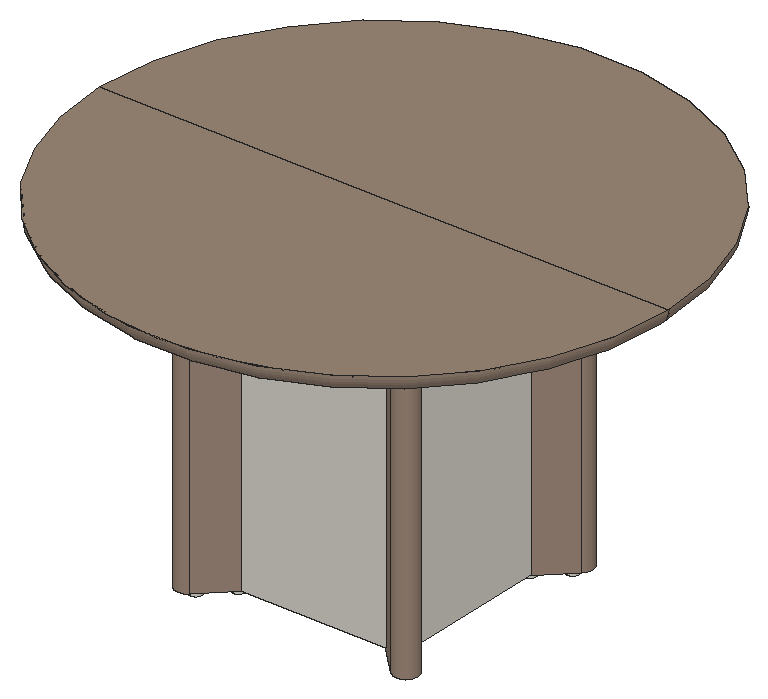
Revit family "Table-Teknion-CFRHBN_Figure_Table_Round_Gable_Enclosed_Base_Half_Bullnose_Edge-R2023", category Furniture, Revit 2023 (continued)
Definition of nested family "Round - Gable Enclosed Base"
  Forms (in)
    Sweep 1, solid, material <- "Base Finish"
      profile origin (0, 0, 13.62598) x (-1, 0, 0) y (0, -1, 0)
        loop
          line (-14.84924, -16.26346) -> (0, -1.41421) -> (14.84924, -16.26346)
    Sweep 2, void
      path origin (0, 0, 0) x (1, 0, 0) y (0, 0, 1)
        loop
          line (0, 8) -> (0, 0)
      profile origin (0, 0, 4) x (0, -1, 0) y (1, 0, 0)
        loop
          line (-11.41412, 0) -> (0, -11.41412) -> (11.41412, 0) -> (0, 11.41412) -> (-11.41412, 0)
    Sweep 3, void
      path origin (0, 0, 0) x (1, 0, 0) y (0, 0, 1)
        loop
          line (0, 20.75) -> (0, 26.75197)
      profile origin (0, 0, 23.75098) x (-1, 0, 0) y (0, -1, 0)
        loop
          line (-16.41478, 0) -> (0, -16.41478) -> (16.41478, 0) -> (0, 16.41478) -> (-16.41478, 0)
    Sweep 4, solid, material <- "Base Accent Finish"
      path origin (0, 0, 0) x (1, 0, 0) y (0, 0, 1)
        loop
          line (0, 25.75) -> (0, 0.5)
      profile origin (0, 0, 13.125) x (0, -1, 0) y (1, 0, 0)
        loop
          line (-12, 10.58579) -> (-12, -10.58579) -> (-11.25, -9.83579) -> (-11.25, 9.83579) -> (-12, 10.58579)
        loop
          line (9.83579, -11.25) -> (-9.83579, -11.25) -> (-10.58579, -12) -> (10.58579, -12) -> (9.83579, -11.25)
        loop
          line (11.25, 9.83579) -> (11.25, -9.83579) -> (12, -10.58579) -> (12, 10.58579) -> (11.25, 9.83579)
        loop
          line (-9.83579, 11.25) -> (9.83579, 11.25) -> (10.58579, 12) -> (-10.58579, 12) -> (-9.83579, 11.25)
    Sweep 5, solid, material <- "Glide Finish"
      path origin (0, 0, 0) x (1, 0, 0) y (0, 0, 1)
        loop
          line (0, 0.25) -> (0, 0.5)
      profile origin (0, 0, 0.375) x (-1, 0, 0) y (0, -1, 0)
        loop
          line (15.1094, -15.55134) -> (15.45795, -15.45795) -> (15.55134, -15.1094) -> (15.29619, -14.85425) -> (14.94764, -14.94764) -> (14.85425, -15.29619) -> (15.1094, -15.55134)
        loop
          line (-15.1094, -15.55134) -> (-14.85425, -15.29619) -> (-14.94764, -14.94764) -> (-15.29619, -14.85425) -> (-15.55134, -15.1094) -> (-15.45795, -15.45795) -> (-15.1094, -15.55134)
        loop
          line (15.1094, 15.55134) -> (14.85425, 15.29619) -> (14.94764, 14.94764) -> (15.29619, 14.85425) -> (15.55134, 15.1094) -> (15.45795, 15.45795) -> (15.1094, 15.55134)
        loop
          line (-15.1094, 15.55134) -> (-15.45795, 15.45795) -> (-15.55134, 15.1094) -> (-15.29619, 14.85425) -> (-14.94764, 14.94764) -> (-14.85425, 15.29619) -> (-15.1094, 15.55134)
    Sweep 6, solid, material <- "Glide Finish"
      path origin (0, 0, 0) x (1, 0, 0) y (0, 0, 1)
        loop
          line (0, 0.25) -> (0, 0)
      profile origin (0, 0, 0.125) x (0, -1, 0) y (1, 0, 0)
        loop
          circle (15.2028, -15.2028) r 0.5
        loop
          circle (15.2028, 15.2028) r 0.5
        loop
          circle (-15.2028, -15.2028) r 0.5
        loop
          circle (-15.2028, 15.2028) r 0.5
    Sweep 7, solid, material <- "Glide Finish"
      path origin (0, 0, 0) x (1, 0, 0) y (0, 0, 1)
        loop
          line (0, 0.25) -> (0, 0.5)
      profile origin (0, 0, 0.375) x (-1, 0, 0) y (0, -1, 0)
        loop
          line (7.73518, -8.17713) -> (8.08373, -8.08373) -> (8.17713, -7.73518) -> (7.92197, -7.48003) -> (7.57342, -7.57342) -> (7.48003, -7.92197) -> (7.73518, -8.17713)
        loop
          line (-7.73518, -8.17713) -> (-7.48003, -7.92197) -> (-7.57342, -7.57342) -> (-7.92197, -7.48003) -> (-8.17713, -7.73518) -> (-8.08373, -8.08373) -> (-7.73518, -8.17713)
        loop
          line (7.73518, 8.17713) -> (7.48003, 7.92197) -> (7.57342, 7.57342) -> (7.92197, 7.48003) -> (8.17713, 7.73518) -> (8.08373, 8.08373) -> (7.73518, 8.17713)
        loop
          line (-7.73518, 8.17713) -> (-8.08373, 8.08373) -> (-8.17713, 7.73518) -> (-7.92197, 7.48003) -> (-7.57342, 7.57342) -> (-7.48003, 7.92197) -> (-7.73518, 8.17713)
    Sweep 8, solid, material <- "Glide Finish"
      path origin (0, 0, 0) x (1, 0, 0) y (0, 0, 1)
        loop
          line (0, 0.25) -> (0, 0)
      profile origin (0, 0, 0.125) x (0, -1, 0) y (1, 0, 0)
        loop
          circle (7.82838, 7.82838) r 0.5
        loop
          circle (-7.82838, 7.82838) r 0.5
        loop
          circle (7.82838, -7.82838) r 0.5
        loop
          circle (-7.82838, -7.82838) r 0.5
  Cuts and joins
    Sweep 2, Sweep 3 cuts Sweep 1
    joined: Sweep 5, Sweep 6
    joined: Sweep 7, Sweep 8
  Lines and regions (in)
    symbolic lines
      curve 1: line (0, -118.46563, 26.75197) -> (0, -118.46563, 30.75197)
      curve 2: line (0, -126.46563, 29) -> (0, -126.46563, 31.25)
    reference lines
      curve 3: line (32.52691, 0, 0) -> (0, 32.52691, 0)
      curve 4: line (-32.52691, 0, 0) -> (0, 32.52691, 0)
      curve 5: line (0, -32.52691, 0) -> (-32.52691, 0, 0)
      curve 6: line (0, -32.52691, 0) -> (32.52691, 0, 0)
    symbolic lines, detail levels medium+fine
      curve 7: line (0, 1.41421, 0) -> (-14.84924, 16.26346, 0)
      curve 8: line (-16.26346, 14.84924, 0) -> (-1.41421, 0, 0)
      curve 9: arc (-16.26346, 14.84924, 0) -> (-16.26346, 16.26346, 0) -> (-14.84924, 16.26346, 0) r 1
      curve 10: line (14.84924, 16.26346, 0) -> (0, 1.41421, 0)
      curve 11: line (1.41421, 0, 0) -> (16.26346, 14.84924, 0)
      curve 12: arc (14.84924, 16.26346, 0) -> (16.26346, 16.26346, 0) -> (16.26346, 14.84924, 0) r 1
      curve 13: line (16.26346, -14.84924, 0) -> (1.41421, 0, 0)
      curve 14: line (0, -1.41421, 0) -> (14.84924, -16.26346, 0)
      curve 15: arc (16.26346, -14.84924, 0) -> (16.26346, -16.26346, 0) -> (14.84924, -16.26346, 0) r 1
      curve 16: line (-14.84924, -16.26346, 0) -> (0, -1.41421, 0)
      curve 17: line (-1.41421, 0, 0) -> (-16.26346, -14.84924, 0)
      curve 18: arc (-14.84924, -16.26346, 0) -> (-16.26346, -16.26346, 0) -> (-16.26346, -14.84924, 0) r 1
      curve 19: line (-10.58579, -12, 0) -> (10.58579, -12, 0)
      curve 20: line (9.83579, -11.25, 0) -> (-9.83579, -11.25, 0)
      curve 21: line (-12, 10.58579, 0) -> (-12, -10.58579, 0)
      curve 22: line (-11.25, -9.83579, 0) -> (-11.25, 9.83579, 0)
      curve 23: line (-9.83579, 11.25, 0) -> (9.83579, 11.25, 0)
      curve 24: line (10.58579, 12, 0) -> (-10.58579, 12, 0)
      curve 25: line (11.25, 9.83579, 0) -> (11.25, -9.83579, 0)
      curve 26: line (12, -10.58579, 0) -> (12, 10.58579, 0)
      curve 27: line (-8.9145, -7.50028, 0) -> (-7.50028, -8.9145, 0)
      curve 28: line (-6.41417, -4.99995, 0) -> (-4.99995, -6.41417, 0)
      curve 29: line (4.99995, -6.41417, 0) -> (6.41417, -4.99995, 0)
      curve 30: line (7.50028, -8.9145, 0) -> (8.9145, -7.50028, 0)
      curve 31: line (6.41417, 4.99995, 0) -> (4.99995, 6.41417, 0)
      curve 32: line (8.9145, 7.50028, 0) -> (7.50028, 8.9145, 0)
      curve 33: line (-4.99995, 6.41417, 0) -> (-6.41417, 4.99995, 0)
      curve 34: line (-7.50028, 8.9145, 0) -> (-8.9145, 7.50028, 0)
    symbolic lines, detail levels fine
      curve 35: arc (-15.2028, -14.7028, 0) -> (-15.7028, -15.2028, 0) -> (-15.2028, -15.7028, 0) r 0.5
      curve 36: arc (-15.2028, -15.7028, 0) -> (-14.7028, -15.2028, 0) -> (-15.2028, -14.7028, 0) r 0.5
      curve 37: arc (-7.82838, -7.32838, 0) -> (-8.32838, -7.82838, 0) -> (-7.82838, -8.32838, 0) r 0.5
      curve 38: arc (-7.82838, -8.32838, 0) -> (-7.32838, -7.82838, 0) -> (-7.82838, -7.32838, 0) r 0.5
      curve 39: arc (15.2028, -15.7028, 0) -> (15.7028, -15.2028, 0) -> (15.2028, -14.7028, 0) r 0.5
      curve 40: arc (15.2028, -14.7028, 0) -> (14.7028, -15.2028, 0) -> (15.2028, -15.7028, 0) r 0.5
      curve 41: arc (7.82838, -7.32838, 0) -> (7.32838, -7.82838, 0) -> (7.82838, -8.32838, 0) r 0.5
      curve 42: arc (7.82838, -8.32838, 0) -> (8.32838, -7.82838, 0) -> (7.82838, -7.32838, 0) r 0.5
      curve 43: arc (15.2028, 15.7028, 0) -> (14.7028, 15.2028, 0) -> (15.2028, 14.7028, 0) r 0.5
      curve 44: arc (15.2028, 14.7028, 0) -> (15.7028, 15.2028, 0) -> (15.2028, 15.7028, 0) r 0.5
      curve 45: arc (7.82838, 7.32838, 0) -> (8.32838, 7.82838, 0) -> (7.82838, 8.32838, 0) r 0.5
      curve 46: arc (7.82838, 8.32838, 0) -> (7.32838, 7.82838, 0) -> (7.82838, 7.32838, 0) r 0.5
      curve 47: arc (-15.2028, 14.7028, 0) -> (-14.7028, 15.2028, 0) -> (-15.2028, 15.7028, 0) r 0.5
      curve 48: arc (-15.2028, 15.7028, 0) -> (-15.7028, 15.2028, 0) -> (-15.2028, 14.7028, 0) r 0.5
      curve 49: arc (-7.82838, 7.32838, 0) -> (-7.32838, 7.82838, 0) -> (-7.82838, 8.32838, 0) r 0.5
      curve 50: arc (-7.82838, 8.32838, 0) -> (-8.32838, 7.82838, 0) -> (-7.82838, 7.32838, 0) r 0.5
  Dimensions and locks (in)
    "Width": plane 4 "Left" to plane 5 "Right"
    "Width": plane 6 "Back" to plane 7 "Front"
    locked: plane 8 "Top" to level at 29
    equal spacing: plane 6 "Back", plane 1 "Center Front/Back", plane 7 "Front"
    equal spacing: plane 4 "Left", plane 3 "Center Left/Right", plane 5 "Right"
    plane 8 "Top" to plane 11 to plane 12 = 1.500" locked, 0.74803" locked
    curve 2 to curve 1 = 8.000"
    "Dim 1": plane 13 to plane 1 "Center Front/Back"
    "Dim 1": plane 1 "Center Front/Back" to plane 14
    "Dim 1": plane 18 to plane 3 "Center Left/Right"
    "Dim 1": plane 3 "Center Left/Right" to plane 17
    "Dim 2": plane 19 to plane 16
    "Dim 2": plane 16 to plane 20
    "Dim 2": plane 21 to plane 15
    "Dim 2": plane 15 to plane 22
    locked: Sweep 1 sketch curve to plane 2 at 0.5
    locked: plane 19 to Sweep 1 sketch curve at 1
    locked: plane 21 to Sweep 1 sketch curve at 1
    locked: Sweep 1 sketch curve to plane 22 at 1
    locked: Sweep 1 sketch curve to plane 20 at 1
    Sweep 1 sketch curve to plane 15 to Sweep 1 sketch curve = 1.000" locked, 1.000" locked
    Sweep 1 sketch curve to plane 16 to Sweep 1 sketch curve = 1.000" locked, 1.000" locked
    locked: Sweep 2 sketch curve to plane 2 at 8
    "Dim 3": Sweep 2 sketch curve to plane 15
    "Dim 3": plane 15 to Sweep 2 sketch curve
    "Dim 3": Sweep 2 sketch curve to plane 16
    "Dim 3": plane 16 to Sweep 2 sketch curve
    locked: plane 12 to Sweep 3 sketch curve at 6.00197
    "Dim 4": Sweep 3 sketch curve to plane 15
    "Dim 4": plane 15 to Sweep 3 sketch curve
    "Dim 4": Sweep 3 sketch curve to plane 16  (x2)
    locked: plane 12 to Sweep 4 sketch curve at 1.00197
    locked: Sweep 4 sketch curve to plane 2 at 0.5
    locked: plane 13 to Sweep 4 sketch curve at 0.75
    locked: plane 18 to Sweep 4 sketch curve at 0.75
    locked: Sweep 4 sketch curve to plane 17 at 0.75
    locked: Sweep 4 sketch curve to plane 14 at 0.75
    Sweep 4 sketch curve to plane 16 to Sweep 4 sketch curve = 1.000" locked, 1.000" locked
    Sweep 4 sketch curve to plane 15 to Sweep 4 sketch curve = 1.000" locked, 1.000" locked
    Sweep 5 sketch curve to Sweep 5 sketch curve to plane 2 = 0.250" locked, 0.250" locked
    plane 21 to Sweep 5 sketch curve to Sweep 5 sketch curve to Sweep 5 sketch curve to Sweep 5 sketch curve to Sweep 5 sketch curve to Sweep 5 sketch curve = 1.13916" locked, 0.18042" locked, 0.000" locked, 0.36084" locked, 0.000" locked, 0.18042" locked
    Sweep 5 sketch curve to plane 16 to Sweep 5 sketch curve = 0.3125" locked, 0.3125" locked  (x2)
    Sweep 5 sketch curve to plane 15 to Sweep 5 sketch curve = 0.3125" locked, 0.3125" locked  (x2)
    plane 19 to Sweep 5 sketch curve to Sweep 5 sketch curve to Sweep 5 sketch curve to Sweep 5 sketch curve to Sweep 5 sketch curve to Sweep 5 sketch curve = 1.13916" locked, 0.18042" locked, 0.000" locked, 0.36084" locked, 0.000" locked, 0.18042" locked
    Sweep 5 sketch curve to Sweep 5 sketch curve to Sweep 5 sketch curve to Sweep 5 sketch curve to Sweep 5 sketch curve to Sweep 5 sketch curve to plane 20 = 0.18042" locked, 0.000" locked, 0.36084" locked, 0.000" locked, 0.18042" locked, 1.13916" locked
    Sweep 5 sketch curve to Sweep 5 sketch curve to Sweep 5 sketch curve to Sweep 5 sketch curve to Sweep 5 sketch curve to Sweep 5 sketch curve to plane 22 = 0.18042" locked, 0.000" locked, 0.36084" locked, 0.000" locked, 0.18042" locked, 1.13916" locked
    locked: Sweep 6 sketch curve to plane 2 at 0.25
    locked: plane 19 to Sweep 6 sketch curve at 1.5
    locked: Sweep 6 sketch curve to plane 20 at 1.5
    locked: plane 21 to Sweep 6 sketch curve at 1.5
    locked: Sweep 6 sketch curve to plane 22 at 1.5
    "Dim 5": plane 15 to plane 25
    "Dim 5": plane 15 to plane 26
    "Dim 5": plane 16 to plane 24
    "Dim 5": plane 16 to plane 23
    Sweep 7 sketch curve to Sweep 7 sketch curve to plane 2 = 0.250" locked, 0.250" locked
    Sweep 7 sketch curve to Sweep 7 sketch curve to Sweep 7 sketch curve to plane 25 to Sweep 7 sketch curve to Sweep 7 sketch curve to Sweep 7 sketch curve = 0.18042" locked, 0.000" locked, 0.18014" locked, 0.1807" locked, 0.000" locked, 0.18042" locked
    Sweep 7 sketch curve to plane 16 to Sweep 7 sketch curve = 0.3125" locked, 0.3125" locked  (x2)
    Sweep 7 sketch curve to plane 15 to Sweep 7 sketch curve = 0.3125" locked, 0.3125" locked  (x2)
    Sweep 7 sketch curve to Sweep 7 sketch curve to Sweep 7 sketch curve to plane 23 to Sweep 7 sketch curve to Sweep 7 sketch curve to Sweep 7 sketch curve = 0.18042" locked, 0.000" locked, 0.18014" locked, 0.1807" locked, 0.000" locked, 0.18042" locked
    Sweep 7 sketch curve to Sweep 7 sketch curve to Sweep 7 sketch curve to plane 26 to Sweep 7 sketch curve to Sweep 7 sketch curve to Sweep 7 sketch curve = 0.18042" locked, 0.000" locked, 0.18014" locked, 0.1807" locked, 0.000" locked, 0.18042" locked
    Sweep 7 sketch curve to Sweep 7 sketch curve to Sweep 7 sketch curve to plane 24 to Sweep 7 sketch curve to Sweep 7 sketch curve to Sweep 7 sketch curve = 0.18042" locked, 0.000" locked, 0.18014" locked, 0.1807" locked, 0.000" locked, 0.18042" locked
    locked: Sweep 8 sketch curve to plane 2 at 0.25
    aligned and locked: level to plane 2
    aligned and locked: plane 3 "Center Left/Right" to Sweep 1 sketch curve
    aligned and locked: plane 12 to Sweep 1 sketch curve
    aligned and locked: plane 15 to Sweep 1 sketch curve  (x2)
    aligned and locked: plane 16 to Sweep 1 sketch curve  (x2)
    aligned and locked: Sweep 1 sketch curve to Sweep 1 sketch curve  (x4)
    aligned and locked: Sweep 2 sketch curve to plane 3 "Center Left/Right"
    aligned and locked: plane 2 to Sweep 2 sketch curve
    aligned and locked: plane 3 "Center Left/Right" to Sweep 3 sketch curve
    aligned and locked: plane 12 to Sweep 3 sketch curve
    aligned and locked: curve 4 to plane 21
    aligned and locked: plane 20 to curve 5
    aligned and locked: curve 6 to plane 22
    aligned and locked: Sweep 4 sketch curve to plane 3 "Center Left/Right"
    aligned and locked: plane 17 to Sweep 4 sketch curve
    aligned and locked: Sweep 4 sketch curve to plane 14
    aligned and locked: Sweep 4 sketch curve to plane 18
    aligned and locked: plane 13 to Sweep 4 sketch curve
    aligned and locked: Sweep 4 sketch curve to Sweep 4 sketch curve  (x4)
    aligned and locked: plane 3 "Center Left/Right" to Sweep 5 sketch curve
    aligned and locked: plane 16 to Sweep 5 sketch curve  (x2)
    aligned and locked: plane 15 to Sweep 5 sketch curve  (x4)
    aligned and locked: Sweep 6 sketch curve to plane 3 "Center Left/Right"
    aligned and locked: plane 2 to Sweep 6 sketch curve
    aligned and locked: plane 15 to Sweep 6 sketch curve  (x2)
    aligned and locked: plane 16 to Sweep 6 sketch curve  (x2)
    aligned and locked: plane 3 "Center Left/Right" to Sweep 7 sketch curve
    aligned and locked: plane 16 to Sweep 7 sketch curve  (x4)
    aligned and locked: plane 15 to Sweep 7 sketch curve  (x4)
    aligned and locked: Sweep 8 sketch curve to plane 3 "Center Left/Right"
    aligned and locked: plane 2 to Sweep 8 sketch curve
    aligned and locked: plane 15 to Sweep 8 sketch curve  (x2)
    aligned and locked: plane 24 to Sweep 8 sketch curve
    aligned and locked: plane 26 to Sweep 8 sketch curve
    aligned and locked: plane 16 to Sweep 8 sketch curve  (x2)
    aligned and locked: plane 23 to Sweep 8 sketch curve
    aligned and locked: plane 25 to Sweep 8 sketch curve
    aligned and locked: curve 7 to cut or joined group of Sweep 1, Sweep 2, Sweep 3
    aligned and locked: curve 9 to cut or joined group of Sweep 1, Sweep 2, Sweep 3
    aligned and locked: curve 11 to cut or joined group of Sweep 1, Sweep 2, Sweep 3
    aligned and locked: curve 12 to cut or joined group of Sweep 1, Sweep 2, Sweep 3
    aligned and locked: curve 14 to cut or joined group of Sweep 1, Sweep 2, Sweep 3
    aligned and locked: curve 15 to cut or joined group of Sweep 1, Sweep 2, Sweep 3
    aligned and locked: curve 17 to cut or joined group of Sweep 1, Sweep 2, Sweep 3
    aligned and locked: curve 18 to cut or joined group of Sweep 1, Sweep 2, Sweep 3
    aligned and locked: curve 19 to Sweep 4
    aligned and locked: curve 20 to Sweep 4
    aligned and locked: curve 21 to Sweep 4
    aligned and locked: curve 22 to Sweep 4
    aligned and locked: curve 23 to Sweep 4
    aligned and locked: curve 24 to Sweep 4
    aligned and locked: curve 25 to Sweep 4
    aligned and locked: curve 26 to Sweep 4
    aligned and locked: curve 27 to cut or joined group of Sweep 1, Sweep 2, Sweep 3
    aligned and locked: curve 28 to cut or joined group of Sweep 1, Sweep 2, Sweep 3
    aligned and locked: curve 29 to cut or joined group of Sweep 1, Sweep 2, Sweep 3
    aligned and locked: curve 30 to cut or joined group of Sweep 1, Sweep 2, Sweep 3
    aligned and locked: curve 31 to cut or joined group of Sweep 1, Sweep 2, Sweep 3
    aligned and locked: curve 32 to cut or joined group of Sweep 1, Sweep 2, Sweep 3
    aligned and locked: curve 33 to cut or joined group of Sweep 1, Sweep 2, Sweep 3
    aligned and locked: curve 34 to cut or joined group of Sweep 1, Sweep 2, Sweep 3
    aligned and locked: curve 35 to cut or joined group of Sweep 5, Sweep 6
    aligned and locked: curve 36 to cut or joined group of Sweep 5, Sweep 6
    aligned and locked: curve 37 to cut or joined group of Sweep 7, Sweep 8
    aligned and locked: curve 38 to cut or joined group of Sweep 7, Sweep 8
    aligned and locked: curve 39 to cut or joined group of Sweep 5, Sweep 6
    aligned and locked: curve 40 to cut or joined group of Sweep 5, Sweep 6
    aligned and locked: curve 41 to cut or joined group of Sweep 7, Sweep 8
    aligned and locked: curve 42 to cut or joined group of Sweep 7, Sweep 8
    aligned and locked: curve 43 to cut or joined group of Sweep 5, Sweep 6
    aligned and locked: curve 44 to cut or joined group of Sweep 5, Sweep 6
    aligned and locked: curve 45 to cut or joined group of Sweep 7, Sweep 8
    aligned and locked: curve 46 to cut or joined group of Sweep 7, Sweep 8
    aligned and locked: curve 47 to cut or joined group of Sweep 5, Sweep 6
    aligned and locked: curve 48 to cut or joined group of Sweep 5, Sweep 6
    aligned and locked: curve 49 to cut or joined group of Sweep 7, Sweep 8
    aligned and locked: curve 50 to cut or joined group of Sweep 7, Sweep 8
  Automatic sketch dimensions
    curve 2 to plane 8 "Top" = 0.000"
    curve 1 to plane 12 = 0.000"
    plane 7 "Front" to curve 2 = 93.46563"
    plane 8 "Top" to curve 1 = 1.75197"
    plane 8 "Top" to curve 2 = 2.250"
    curve 3 to plane 19 = 0.000"
    Sweep 4 sketch curve to Sweep 4 sketch curve = 0.750"  (x2)
    Sweep 5 sketch curve to Sweep 5 sketch curve = 0.09339"  (x6)
    Sweep 6 sketch curve to Sweep 6 sketch curve = 0.500"  (x4)
    Sweep 6 sketch curve to Sweep 6 sketch curve = 0.000"  (x8)
    Sweep 7 sketch curve to Sweep 7 sketch curve = 0.25516"
    Sweep 7 sketch curve to Sweep 7 sketch curve = 0.09339"  (x3)
    Sweep 8 sketch curve to Sweep 8 sketch curve = 0.500"  (x4)
    Sweep 8 sketch curve to Sweep 8 sketch curve = 0.000"  (x8)
    curve 35 to curve 35 = 0.000"
    curve 18 to curve 35 = 0.35355"
    curve 37 to curve 37 = 0.000"  (x2)
    curve 40 to curve 39 = 0.000"
    curve 39 to curve 15 = 0.35355"
    curve 42 to curve 41 = 0.000"
    curve 41 to curve 41 = 0.000"
    curve 44 to curve 12 = 0.35355"
    curve 44 to curve 43 = 0.000"
    curve 45 to curve 45 = 0.000"
    curve 46 to curve 45 = 0.000"
    curve 9 to curve 48 = 0.35355"
    curve 47 to curve 47 = 0.000"
    curve 50 to curve 49 = 0.000"  (x2)
Definition of nested family "Teknion_2D_Node_Family-R2016"
  Reference planes (in)
    plane 1 "Center (Front/Back)": y = 0
    plane 2: z = 0
    plane 3 "Center (Left/Right)": x = 0
  Lines and regions (in)
    detail lines, in view "Ref. Level"
      curve 1: circle (0, 0, 0) r 1.25 normal (0, 0, 1)
      curve 2: line (1.91508, -1.91508, 0) -> (-1.91508, 1.91508, 0)
      curve 3: line (-1.91508, -1.91508, 0) -> (1.91508, 1.91508, 0)
